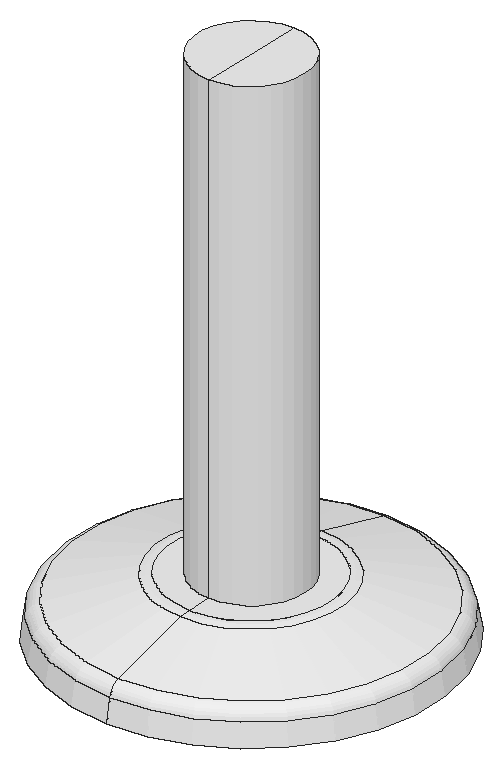
Revit family "ShowerConnectionPipe-ShortConnectionPipe-Vitra-ShowerSystem-A45649", category Plumbing Fixtures, host Face, Revit 2017
Family settings
  Host = Face
  Round Connector Dimension = Use Diameter
  Part Type = Normal
  OmniClass Number = 23.45.00.00
  OmniClass Title = Sanitary, Laundry, and Cleaning Equipment
  Cut with Voids When Loaded = No
  Shared = Yes
  Room Calculation Point = No
Parameters (values of type "ShowerConnectionPipe-ShortConnectionPipe-Vitra-ShowerSystem-A45649")
  Youtube = "https://www.youtube.com/user/VitrAglobal"
  Weight Net (kg) = "0,32"
  Waste Connection = no
  Warranty Period (Year) = "5 Years"
  Vent Connection = no
  Uniformat II Description = "Plumbing Fixtures"
  Uniformat II Code = "D2010"
  Uniclass 2015 Name = "Shower heads"
  Uniclass 2015 Code = "Pr_40_20_87_76"
  Uniclass 2.0 Description = "Shower Heads"
  Uniclass 2.0 Code = "PR-35-06-81"
  Uniclass 1.4 Description = "Showers"
  Uniclass 1.4 Code = "L7214"
  URL = "https://vitraglobal.com/"
  UNSPSC Description = ""
  UNSPSC Code = ""
  Test Pressure = "16 bar"
  Technical description = "https://www.vitra.com.tr/pdf/A45649/"
  Tap hole Options (default) = ""
  Specification = ""
  Region South America = "All"
  Region Oceania = "All"
  Region North America = "All"
  Region Middle East = "All"
  Region Europe = "All"
  Region Asia = "All"
  Region Antarctica = "All"
  Region Africa = "All"
  Range of flow pressure = "0.5-10 bar (Recommended 3-5 Bars)"
  Range of Hot Water Supply = "5 - 65 °C"
  Product url = "https://www.vitra.com.tr/dus-sistemleri/dus-basliklari/dus-dirsekleri/tavandan-dirsek-sku-A45649/"
  Product manual = ""
  Product group = "Short Connection Pipe - Ceiling-Mounted"
  Product family = "Shower System"
  Product data url = ""
  Product certification = "https://www.vitraglobal.com/brochures/"
  Product Type = "Short Connection Pipe"
  Product SKU = "A45649"
  Product Properties = ""
  Product Guid = ""
  OmniClass Description = "Shower Head Fixtures"
  OmniClass Code = "23-31 17 19"
  Number Of Connections = "1"
  Nominal Width (mm) = 70 mm
  Nominal Height (mm) = 100 mm
  Nominal Depth (mm) = 70 mm
  NBS Referans Description = "Shower Heads"
  NBS Referans Code = "35-06-81"
  Mounting type = "Ceiling-Mounted"
  Model = "A45649"
  Min. flow pressure of = "0.5 bar"
  Masterformat 2014 Description = "Residential Showers"
  Masterformat 2014 Code = "22 41 23"
  Manufacturer name = "Vitra"
  Manufacturer = "Vitra"
  Main Material = "Metal"
  Installation instructions = ""
  IFC Classification = "Sanitary Terminal"
  Hot Water temperature, factory set to = "38 °C"
  Hot Water Supply (max.) = "80 °C"
  Help = ""
  HW Connection = yes
  GTIP code = ""
  Flow Rate(L/min. - 3 bar) = ""
  Features = ""
  EAN code = ""
  Design country = "Turkey"
  Description = "Short Connection Pipe"
  Default Elevation = 2200 mm
  Connection Diameter (mm) = 15 mm
  Color = "Chrome"
  Coating Material = Chrome
  Calculated flow = ""
  CW Connection = yes
  COBIe Type Category = ""
  Brand = "Vitra"
  BIMobject category = "Bath/Shower Mixer"
  Article No. (default) = "A45649"
  Approvals = ""
  ApplicationType = ""
  Accessories (default) = ""
Types (6, lengths in mm): name | Technical description | Product url | Product SKU | Model | Color | Coating Material | Article No. (default)
  ShowerConnectionPipe-ShortConnectionPipe-Vitra-ShowerSystem-A4564926 | "https://www.vitra.com.tr/pdf/A4564926/" | "https://www.vitra.com.tr/dus-sistemleri/dus-basliklari/dus-dirsekleri/dus-dirsegi-sku-A4564926/" | "A4564926" | "A4564926" | "Copper" | Copper | "A4564926"
  ShowerConnectionPipe-ShortConnectionPipe-Vitra-ShowerSystem-A45649 | "https://www.vitra.com.tr/pdf/A45649/" | "https://www.vitra.com.tr/dus-sistemleri/dus-basliklari/dus-dirsekleri/tavandan-dirsek-sku-A45649/" | "A45649" | "A45649" | "Chrome" | Chrome | "A45649"
  ShowerConnectionPipe-ShortConnectionPipe-Vitra-ShowerSystem-A4564934 | "https://www.vitra.com.tr/pdf/A4564934/" | "https://www.vitra.com.tr/dus-sistemleri/dus-basliklari/dus-dirsekleri/dus-dirsegi-sku-A4564934/" | "A4564934" | "A4564934" | "Brushed Nickel" | Brushed Nickel | "A4564934"
  ShowerConnectionPipe-ShortConnectionPipe-Vitra-ShowerSystem-A4564936 | "https://www.vitra.com.tr/pdf/A4564936/" | "https://www.vitra.com.tr/dus-sistemleri/dus-basliklari/dus-dirsekleri/dus-dirsegi-sku-A4564936/" | "A4564936" | "A4564936" | "Matte Black" | Matte Black | "A4564936"
  ShowerConnectionPipe-ShortConnectionPipe-Vitra-ShowerSystem-A4564923 | "https://www.vitra.com.tr/pdf/A4564923/" | "https://www.vitra.com.tr/dus-sistemleri/dus-basliklari/dus-dirsekleri/tavandan-dirsek-sku-A4564923/" | "A4564923" | "A4564923" | "Gold" | Gold | "A4564923"
  ShowerConnectionPipe-ShortConnectionPipe-Vitra-ShowerSystem-A45649EXP | "https://www.vitraglobal.com/pdf/A45649EXP/" | "https://www.vitraglobal.com/shower-systems/shower-heads/shower-connection-pipes/short-connection-pipe-sku-A45649EXP/" | "A45649EXP" | "A45649EXP" | "Chrome" | Chrome | "A45649EXP"
Reference planes
  plane 1 "Center (Front/Back)": y = 0
  plane 2: z = 0
  plane 3 "Center (Left/Right)": x = 0
  plane 4: y = 35.006
  plane 5: x = 33.918
  plane 6: x = -36.082
  plane 7: y = -34.994
  plane 8: z = 100
Forms (mm)
  Revolve 1, solid, material "Chrome" <- "Coating Material", detail levels fine
    sketch origin (0, 0, 0) x (0, 1, 0) y (0, 0, 1)
      loop
        line (0, -7.868) -> (9.223, -7.868) -> (9.223, 0) -> (35.006, 0) -> (34.27, 4.177)
        arc (34.27, 4.177) -> (33.527, 5.683) -> (32.092, 6.554) r 3
        line (32.092, 6.554) -> (17.065, 10.58)
        arc (17.065, 10.58) -> (16.039, 10.784) -> (14.995, 10.853) r 8
        line (14.995, 10.853) -> (10.234, 10.853) -> (10.234, 100.853) -> (0, 100.853) -> (0, -7.868)
      axis (0, -7.868) -> (0, 100.853)
    angle from 0 to 360
  Revolve 2, solid, detail levels medium
    sketch origin (0, 0, 0) x (0, 1, 0) y (0, 0, 1)
      loop
        line (0, 100.853) -> (0, 10.853) -> (0, 0) -> (35.006, 0) -> (35.006, 10.853) -> (10.234, 10.853) -> (10.234, 100.853) -> (0, 100.853)
      axis (0, 0) -> (0, 100.853)
    angle from 0 to 360
  Extrusion 3, solid, detail levels coarse
    sketch origin (0, 0, 0) x (1, 0, 0) y (0, 1, 0)
      loop
        circle (0, 0) r 35.006
    from 0 to 100.853
Dimensions and locks
  "Nominal Width (mm)": plane 6 to plane 5
  "Nominal Depth (mm)": plane 4 to plane 7
  "Nominal Height (mm)": plane 8 to host face
  aligned and locked: plane 2 to host face
  aligned and locked: level to host face
Automatic sketch dimensions
  host sketch curve to host sketch curve = 2438.4 mm  (x2)
  Revolve 1 sketch curve to level = 7.868 mm
  Revolve 1 sketch curve to plane 1 "Center (Front/Back)" = 0 mm  (x2)
  Revolve 1 sketch curve to plane 4 = 0 mm
  Revolve 1 sketch curve to plane 1 "Center (Front/Back)" = 9.223 mm
  Revolve 1 sketch curve to Revolve 1 sketch curve = 4.76 mm
  level to Revolve 1 sketch curve = 10.58 mm
  Revolve 1 sketch curve to Revolve 1 sketch curve = 2.071 mm
  Revolve 1 sketch curve to plane 4 = 3.691 mm
  Revolve 1 sketch curve to plane 4 = 2.914 mm
  Revolve 1 sketch curve to plane 4 = 0.737 mm
  level to Revolve 1 sketch curve = 2.853 mm
  level to Revolve 1 sketch curve = 3.656 mm
  Revolve 1 sketch curve to Revolve 1 sketch curve = 0.521 mm
  plane 8 to Revolve 1 sketch curve = 0.853 mm
  Revolve 1 sketch curve to Revolve 1 sketch curve = 25 mm
  Revolve 1 sketch curve to Revolve 1 sketch curve = 1.011 mm
  Revolve 1 sketch curve to Revolve 1 sketch curve = 35 mm
  Revolve 1 sketch curve to level = 0 mm
  Revolve 2 sketch curve to plane 1 "Center (Front/Back)" = 0 mm  (x2)
  Revolve 2 sketch curve to level = 0 mm
  Revolve 2 sketch curve to plane 4 = 0 mm
  Revolve 2 sketch curve to Revolve 2 sketch curve = 10.234 mm
  level to Revolve 2 sketch curve = 10.853 mm
  Revolve 2 sketch curve to Revolve 2 sketch curve = 0 mm
  plane 8 to Revolve 2 sketch curve = 0.853 mm
  Revolve 2 sketch curve to Revolve 2 sketch curve = 34.147 mm
  Revolve 2 sketch curve to plane 8 = 25 mm
  plane 1 "Center (Front/Back)" to Extrusion 3 sketch curve = 0 mm
  Extrusion 3 sketch curve to plane 3 "Center (Left/Right)" = 0 mm
  radius of Extrusion 3 sketch curve = 35.006 mm
Connectors
  piping at (0, 0, -7.868), diameter 15
    settings: on Revolve 1, index 1, connector inside diameter 609.6 mm, connector length 0 mm, flow factor 0, pipe flow 0.0 L/s, pressure drop 0.0 Pa, fitting loss kfactor 0, connector angle 0.00°, fixture units 0, engagement length 0 mm, angle of deflection 0.00°, flow configuration 0, flow direction 1, fitting loss method 0, system type 22, joint type 0, gender type 0, connector reference index -1, connector utility 0, adjustable connector no, is connector primary yes, connector description ""
